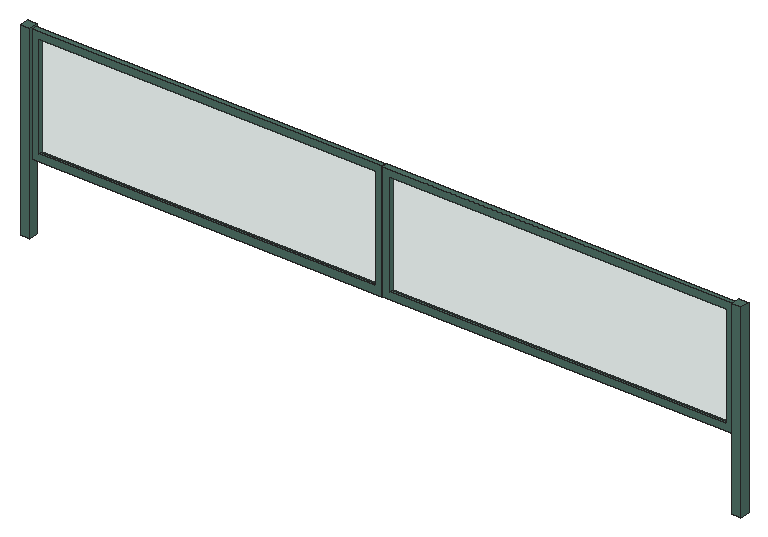
Revit family "Ворота распашные_PROM_UL_FENCE", category Специальное оборудование, Revit 2019
Family settings
  Размер круглого соединителя = Использовать диаметр
  Тип детали = Нормальный
  На основе рабочей плоскости = Нет
  Всегда вертикально = Да
  При загрузке вырезать с полостями = Нет
  Общий = Нет
  Точка расчета площади = Нет
Parameters (values of type "PROM-UL_Бетонирование в кондукторе")
  Ширина рамки = 60 mm
  Ширина открывания [instance] = Ширина / 2  # 3000 mm
  Ширина [instance] = 6000 mm
  Таблица = "UL_FENCE"  # constant formula
  Фланец под винтовую опору (SITgs) = no
  Фланец (SIT) = no
  Тип крепления = if([Бетонирование в кондукторе (SIC)], 1, if([Бетонирование столбы (SI)], 2, if([Фланец (SIT)], 3, if([Фланец под винтовую опору (SITgs)], 4, 0))))  # 1
  Сечение столба = 80 mm
  Материал_Столбы = FENSYS_Столб
  Материал_Сетка = FENSYS_Сетка_50x100
  Изготовитель = "FENSYS"  # constant formula
  Высота [instance] = 1100 mm
  Бетонирование столбы (SI) = no
  Бетонирование в кондукторе (SIC) = yes
  Глубина столба = if(or([Бетонирование в кондукторе (SIC)], [Бетонирование столбы (SI)]), 500 mm, 0 mm)  # 500 mm
  URL = "https://www.fensys.ru/produkciya/vorota_1.html"
  ADSK_Размер_Ширина [instance] = Ширина  # 6000 mm
  ADSK_Размер_Высота [instance] = Высота  # 1100 mm
  ADSK_Обозначение = "UL/SIC/FENCE"
  ADSK_Наименование [instance] = size_lookup(Таблица, "", "Не найдено", ADSK_Размер_Высота, ADSK_Размер_Ширина, Тип крепления)  # "Ворота распашные серии PROM-UL: HxW 1100x6000 (оси столбов 6140, профиль 140х140х5мм), заполнение панель, столбы с регулируемыми петлями, на фланцах под усиленное бетонирование на армокаркасах"
  ADSK_Масса [instance] = size_lookup(Таблица, "ADSK_Масса", 0, ADSK_Размер_Высота, ADSK_Размер_Ширина, Тип крепления)  # 0
  ADSK_Комплект = "Ворота распашные"  # constant formula
  ADSK_Код изделия [instance] = size_lookup(Таблица, "ADSK_Код изделия", "Не найдено", ADSK_Размер_Высота, ADSK_Размер_Ширина, Тип крепления)  # "38941U"
  ADSK_Завод-изготовитель = Изготовитель  # "FENSYS"
  ADSK_Единица измерения = "шт."  # constant formula
Types (5, lengths in mm): name | Фланец под винтовую опору (SITgs) | Фланец (SIT) | Тип крепления | Бетонирование столбы (SI) | Бетонирование в кондукторе (SIC) | Глубина столба | ADSK_Обозначение | ADSK_Наименование | ADSK_Масса | ADSK_Код изделия
  (no name) | no | no | 1 | no | yes | 500 | "UL/SIC/FENCE" | "Ворота распашные серии PROM-UL: HxW 1100x6000 (оси столбов 6140, профиль 140х140х5мм), заполнение панель, столбы с регулируемыми петлями, на фланцах под усиленное бетонирование на армокаркасах" | 0 | "38941U"
  PROM-UL_Под бетонирование | no | no | 2 | yes | no | 500 | "UL/SI/FENCE" | "Ворота распашные серии PROM-UL: HxW 1100x6000 (оси столбов 6140, профиль 140х140х5мм), заполнение панель, столбы с регулируемыми петлями, под бетонирование" | 266 | "46840U"
  PROM-UL_Фланец | no | yes | 3 | no | no | 0 | "UL/SIT/FENCE" | "Ворота распашные серии PROM-UL: HxW 1100x6000 (оси столбов 6140, профиль 140х140х5мм), заполнение панель, столбы с регулируемыми петлями, на фланцах под анкерное крепление на бетон" | 189 | "46880U"
  PROM-UL_Фланец под винтовую опору | yes | no | 4 | no | no | 0 | "UL/SITgs/FENCE" | "Ворота распашные серии PROM-UL: HxW 1100x6000 (оси столбов 6140, профиль 140х140х5мм), заполнение панель, столбы с регулируемыми петлями, под крепление на винтовых опорах" | 140 | "44180U"
  PROM-UL_Бетонирование в кондукторе | no | no | 1 | no | yes | 500 | "UL/SIC/FENCE" | "Ворота распашные серии PROM-UL: HxW 1100x6000 (оси столбов 6140, профиль 140х140х5мм), заполнение панель, столбы с регулируемыми петлями, на фланцах под усиленное бетонирование на армокаркасах" | 0 | "38941U"
Reference planes
  plane 1 "По центру (Вперед/Назад)": y = 0
  plane 2: z = 0
  plane 3 "По центру (Влево/Вправо)": x = 0
  plane 4: x = 6160
  plane 5: y = 40
  plane 6: y = -40
  plane 7: x = 80
  plane 8: x = 6080
  plane 9: z = 1100
  plane 10: z = 100
  plane 11: z = -500
  plane 12: y = 20
  plane 13: y = -20
  plane 14: y = 2
  plane 15: y = -2
  plane 16: z = 1040
  plane 17: z = 1110
  plane 18: y = 2
  plane 19: y = -2
  plane 20: x = 3080
Forms (mm)
  Extrusion 1, solid, material "FENSYS_Столб" <- "Материал_Столбы"
    sketch origin (0, 0, 0) x (1, 0, 0) y (0, 1, 0)
      loop
        line (0, 40) -> (0, -40) -> (80, -40) -> (80, 40) -> (0, 40)
      loop
        line (6080, 40) -> (6080, -40) -> (6160, -40) -> (6160, 40) -> (6080, 40)
    from -500 to 1110
  Extrusion 2, solid, material "FENSYS_Сетка_50x100" <- "Материал_Сетка"
    sketch origin (0, 0, 0) x (1, 0, 0) y (0, 1, 0)
      loop
        line (140, 2) -> (140, -2) -> (3020, -2) -> (3020, 2) -> (140, 2)
    from 160 to 1040
  Extrusion 3, solid, material "FENSYS_Столб"
    sketch origin (0, 0, 0) x (1, 0, 0) y (0, 0, 1)
      loop
        line (80, 1100) -> (80, 100) -> (3075, 100) -> (3075, 1100) -> (80, 1100)
      loop
        line (6080, 100) -> (6080, 1100) -> (3085, 1100) -> (3085, 100) -> (6080, 100)
      loop
        line (140, 160) -> (3020, 160) -> (3020, 1040) -> (140, 1040) -> (140, 160)
      loop
        line (6020, 160) -> (6020, 1040) -> (3140, 1040) -> (3140, 160) -> (6020, 160)
    from -20 to 20
  Extrusion 4, solid, material "FENSYS_Сетка_50x100" <- "Материал_Сетка"
    sketch origin (1010, 0, 0) x (1, 0, 0) y (0, 1, 0)
      loop
        line (2130, 2) -> (2130, -2) -> (5010, -2) -> (5010, 2) -> (2130, 2)
    from 160 to 1040
Lines and regions (mm)
  Masking region 1, detail levels coarse
    outline origin (0, 0, 0) x (1, 0, 0) y (0, 1, 0)
      loop
        line (80, 20) -> (80, -20) -> (6080, -20) -> (6080, 20) -> (80, 20)
Dimensions and locks
  equal spacing: plane 6, plane 1 "По центру (Вперед/Назад)", plane 5
  "Сечение столба": plane 3 "По центру (Влево/Вправо)" to plane 7
  "Сечение столба": plane 8 to plane 4
  "ADSK_Размер_Высота": plane 9 to plane 2
  "Глубина столба": plane 2 to plane 11
  plane 10 to plane 2 = 100 mm
  plane 5 to plane 1 "По центру (Вперед/Назад)" = 40 mm
  equal spacing: plane 13, plane 1 "По центру (Вперед/Назад)", plane 12
  plane 1 "По центру (Вперед/Назад)" to plane 12 = 20 mm
  equal spacing: plane 15, plane 1 "По центру (Вперед/Назад)", plane 14
  locked: plane 1 "По центру (Вперед/Назад)" to plane 14 at 2
  "Ширина рамки": plane 9 to plane 16
  "ADSK_Размер_Ширина": plane 7 to plane 8
  locked: plane 17 to plane 9 at 10
  plane 19 to plane 18 = 4 mm
  Extrusion 1 to Extrusion 1 = 6160 mm
  "Сечение столба": plane 5 to plane 6
  equal spacing: plane 8, plane 20, plane 7
  aligned and locked: level to plane 2
  aligned and locked: Extrusion 1 sketch curve to plane 5
  aligned and locked: plane 5 to Extrusion 1 sketch curve
  aligned and locked: plane 6 to Extrusion 1 sketch curve
  aligned and locked: Extrusion 1 sketch curve to plane 6
  aligned and locked: Extrusion 1 sketch curve to plane 4
  aligned and locked: plane 8 to Extrusion 1 sketch curve
  aligned and locked: Extrusion 1 sketch curve to plane 7
  aligned and locked: plane 3 "По центру (Влево/Вправо)" to Extrusion 1 sketch curve
  aligned and locked: Extrusion 1 to plane 11
  aligned and locked: Extrusion 2 sketch curve to plane 14
  aligned and locked: Extrusion 2 sketch curve to plane 15
  aligned and locked: Extrusion 2 to plane 16
  aligned and locked: plane 8 to nested 1
  aligned and locked: nested 1 to plane 1 "По центру (Вперед/Назад)"
  aligned and locked: plane 1 "По центру (Вперед/Назад)" to nested 2
  aligned and locked: plane 7 to nested 2
  aligned and locked: Masking region 1 sketch curve to plane 12
  aligned and locked: Masking region 1 sketch curve to plane 13
  aligned and locked: plane 7 to Masking region 1 sketch curve
  aligned and locked: Masking region 1 sketch curve to plane 8
  aligned and locked: Extrusion 1 to plane 17
  aligned and locked: Extrusion 3 to plane 13
  aligned and locked: Extrusion 3 to plane 12
  aligned and locked: Extrusion 2 to Extrusion 3  (x2)
  aligned and locked: Extrusion 3 to plane 16
  aligned and locked: Extrusion 3 to Extrusion 2
  aligned and locked: plane 18 to Extrusion 4 sketch curve
  aligned and locked: Extrusion 4 sketch curve to plane 19
  aligned and locked: Extrusion 4 to Extrusion 3  (x4)
  aligned and locked: Extrusion 1 to plane 5
  aligned and locked: plane 6 to Extrusion 1
  aligned and locked: plane 16 to Extrusion 3
Automatic sketch dimensions
  plane 7 to Extrusion 2 sketch curve = 60 mm
  Extrusion 2 sketch curve to Extrusion 2 sketch curve = 2880 mm
  plane 7 to Extrusion 4 sketch curve = 3060 mm
  Extrusion 4 sketch curve to plane 8 = 60 mm
  Extrusion 3 sketch curve to plane 7 = 0 mm
  Extrusion 3 sketch curve to plane 16 = 0 mm  (x2)
  Extrusion 3 sketch curve to plane 10 = 0 mm  (x3)
  Extrusion 3 sketch curve to plane 9 = 0 mm  (x2)
  Extrusion 3 sketch curve to plane 8 = 0 mm
  plane 7 to Extrusion 3 sketch curve = 60 mm
  Extrusion 3 sketch curve to plane 20 = 5 mm
  Extrusion 3 sketch curve to plane 8 = 60 mm
  plane 10 to Extrusion 3 sketch curve = 60 mm  (x2)
  plane 20 to Extrusion 3 sketch curve = 5 mm
  plane 20 to Extrusion 3 sketch curve = 60 mm
  Extrusion 3 sketch curve to plane 20 = 60 mm
Nested families
  nested 1: "Открываение_Обозначение" at (6080, 0, 0) x (-1, 0, 0) z (0, 0, 1), Ширина <- "Ширина открывания", type "Открываение_Обозначение", detail levels coarse
    with Ширина 3000 mm
  nested 2: "Открываение_Обозначение" at (80, 0, 0), Ширина <- "Ширина открывания", type "Открываение_Обозначение", detail levels coarse
    with Ширина 3000 mm
Definition of nested family "Открываение_Обозначение"
  Parameters (values of type "Открываение_Обозначение")
    Ширина [instance] = 900 mm
  Reference planes
    plane 1 "По центру (Вперед/Назад)": y = 0
    plane 2: z = 0
    plane 3 "По центру (Влево/Вправо)": x = 0
    plane 4: x = 900
  Lines and regions (mm)
    detail lines, in view "Опорный уровень"
      curve 1: line (0, 0, 0) -> (779.423, 450, 0)
  Dimensions and locks
    "Ширина": plane 3 "По центру (Влево/Вправо)" to plane 4
    "Ширина": curve 1 to curve 1
    locked: plane 1 "По центру (Вперед/Назад)" to curve 1 (angle 30.00°)
    aligned and locked: plane 3 "По центру (Влево/Вправо)" to curve 1
    aligned and locked: plane 1 "По центру (Вперед/Назад)" to curve 1
